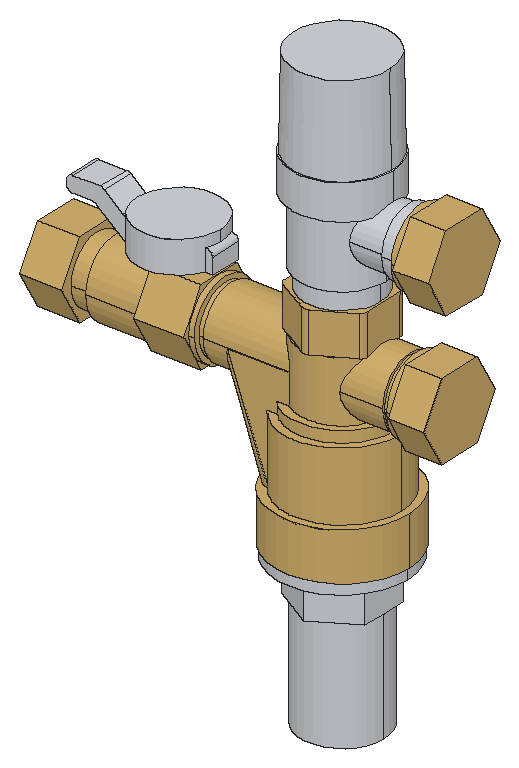
Revit family
Parameters (values of type "KHN3.214")
  URL = "http://www.autospec.co.za/browse.php?id=1644179288"
  Radius of Pipe = Diameter of Pipe / 2  # 11 mm
  Product Code = "KHN3.214"
  Pressure Rating = 400 kPa
  OmniClass Title = ""
  OmniClass Number = ""
  Modspec Classification = ""
  Specification = ""
  Location (revit room) = ""
  Model = "Pressure Control Multi Valve KHN3.214"
  Manufacturer = "Kwikot"  # constant formula
  Material = DZR Brass
  Diameter of Pipe = 22 mm
  Colour = none
  Body Finish = none
  Assembly Code = "D2090800"
Reference planes
  plane 1 "Center (Front/Back)": y = 0
  plane 2: z = 0
  plane 3 "Center (Left/Right)": x = 0
  plane 4: z = -100
  plane 5: z = 88
  plane 6: z = -65
  plane 7: x = 13
  plane 8: x = -13
  plane 9: z = -49.4
  plane 10: z = -34.4
  plane 11: z = -52.865
  plane 12: z = -12.9
  plane 13: z = -9.4
  plane 14: z = 9.6
  plane 15: z = 22.1
  plane 16: z = 28.1
  plane 17: z = 49
  plane 18: z = 60
  plane 19: x = 21.5
  plane 20: x = -34.5
  plane 21: x = 36.5
  plane 22: x = -54
  plane 23: x = 23.5
  plane 24: x = 25.5
  plane 25: x = -36.5
  plane 26: x = -38.5
  plane 27: z = 42
  plane 28: x = 38
  plane 29: x = 27
  plane 30: x = -70.5
  plane 31: x = -76.5
  plane 32: x = -89.5
  plane 33: x = -51
  plane 34: x = -26.5
Forms (mm)
  Extrusion 1, solid, detail levels fine
    sketch origin (-440, -1524, -100) x (-1, 0, 0) y (0, -1, 0)
      loop
        circle (-440, -1524) r 13
    from 0 to 35
  Extrusion 2, solid, detail levels fine
    sketch origin (-440, -1524, -65) x (-1, 0, 0) y (0, -1, 0)
      loop
        line (-453, -1531.506) -> (-440, -1539.011) -> (-427, -1531.506) -> (-427, -1516.494) -> (-440, -1508.989) -> (-453, -1516.494) -> (-453, -1531.506)
    from 0 to 12.135
  Extrusion 3, solid, detail levels fine
    sketch origin (-20.969, -1524, -52.865) x (-1, 0, 0) y (0, -1, 0)
      loop
        circle (-20.969, -1524) r 20.5
    from 0 to 3.465
  Extrusion 4, solid, material "DZR Brass" <- "Material", detail levels fine
    sketch origin (-165.612, -1524, -49.4) x (-1, 0, 0) y (0, -1, 0)
      loop
        circle (-165.612, -1524) r 21
    from 0 to 15
  Extrusion 5, solid, material "DZR Brass" <- "Material", detail levels fine
    sketch origin (0, 0, 0) x (0, 1, 0) y (0, 0, 1)
      loop
        circle (0, 0) r 11
    from 21.5 to -34.5
  Extrusion 6, solid, material "DZR Brass" <- "Material", detail levels fine
    sketch origin (-165.612, -1524, -34.4) x (-1, 0, 0) y (0, -1, 0)
      loop
        circle (-165.612, -1524) r 18.5
    from 0 to 21.5
  Extrusion 7, solid, material "DZR Brass" <- "Material", detail levels fine
    sketch origin (-60.699, -1524, -12.9) x (-1, 0, 0) y (0, -1, 0)
      loop
        circle (-60.699, -1524) r 16
    from 0 to 3.5
  Extrusion 8, solid, material "DZR Brass" <- "Material", detail levels fine
    sketch origin (-60.699, -1524, -9.4) x (-1, 0, 0) y (0, -1, 0)
      loop
        circle (-60.699, -1524) r 13.5
    from 0 to 19
  Blend 9, solid, material "DZR Brass" <- "Material", detail levels fine
    base sketch origin (-60.699, -1524, -9.4) x (-1, 0, 0) y (0, -1, 0)
      loop
        arc (-33.817, -1535) -> (-31.165, -1533.403) -> (-31.338, -1530.311) r 3
        arc (-31.338, -1530.311) -> (-29.942, -1523.999) -> (-31.332, -1517.686) r 15
        arc (-31.332, -1517.686) -> (-31.163, -1514.596) -> (-33.814, -1513) r 3
        line (-33.814, -1513) -> (-55.873, -1513) -> (-55.873, -1535) -> (-33.817, -1535)
    top sketch origin (-60.699, -1524, -9.4) x (-1, 0, 0) y (0, -1, 0)
      loop
        line (-55.873, -1535) -> (-46.266, -1535)
        arc (-46.266, -1535) -> (-44.698, -1534.558) -> (-43.592, -1533.361) r 3
        arc (-43.592, -1533.361) -> (-41.199, -1524) -> (-43.592, -1514.639) r 19.5
        arc (-43.592, -1514.639) -> (-44.698, -1513.442) -> (-46.266, -1513) r 3
        line (-46.266, -1513) -> (-55.873, -1513) -> (-55.873, -1535)
    from 9.4 to -25.5
  Extrusion 10, solid, material "DZR Brass" <- "Material", detail levels fine
    sketch origin (-60.699, -1524, 9.6) x (-1, 0, 0) y (0, -1, 0)
      loop
        line (-72.699, -1532.083) -> (-61.699, -1538.434)
        arc (-61.699, -1538.434) -> (-60.699, -1538.702) -> (-59.699, -1538.434) r 2
        line (-59.699, -1538.434) -> (-48.699, -1532.083)
        arc (-48.699, -1532.083) -> (-47.967, -1531.351) -> (-47.699, -1530.351) r 2
        line (-47.699, -1530.351) -> (-47.699, -1517.649)
        arc (-47.699, -1517.649) -> (-47.967, -1516.649) -> (-48.699, -1515.917) r 2
        line (-48.699, -1515.917) -> (-59.699, -1509.566)
        arc (-59.699, -1509.566) -> (-60.699, -1509.298) -> (-61.699, -1509.566) r 2
        line (-61.699, -1509.566) -> (-72.699, -1515.917)
        arc (-72.699, -1515.917) -> (-73.431, -1516.649) -> (-73.699, -1517.649) r 2
        line (-73.699, -1517.649) -> (-73.699, -1530.351)
        arc (-73.699, -1530.351) -> (-73.431, -1531.351) -> (-72.699, -1532.083) r 2
    from 0 to 12.5
  Extrusion 11, solid, detail levels fine
    sketch origin (-60.699, -1524, 22.1) x (-1, 0, 0) y (0, -1, 0)
      loop
        circle (-60.699, -1524) r 12.2
    from 0 to 6
  Extrusion 12, solid, detail levels fine
    sketch origin (-60.699, -1524, 28.1) x (-1, 0, 0) y (0, -1, 0)
      loop
        circle (-60.699, -1524) r 13.5
    from 0 to 20.9
  Extrusion 13, solid, detail levels fine
    sketch origin (-60.699, -1524, 49) x (-1, 0, 0) y (0, -1, 0)
      loop
        circle (-60.699, -1524) r 16
    from 0 to 11
  Blend 14, solid, detail levels fine
    base sketch origin (-60.699, -1524, 60) x (-1, 0, 0) y (0, -1, 0)
      loop
        circle (-60.699, -1524) r 15.5
    top sketch origin (-60.699, -1524, 60) x (-1, 0, 0) y (0, -1, 0)
      loop
        circle (-60.699, -1524) r 15
    from 0 to 28
  Extrusion 15, solid, material "DZR Brass" <- "Material", detail levels fine
    sketch origin (21.5, -1524, -21.263) x (0, 0, -1) y (0, -1, 0)
      loop
        circle (-21.263, -1524) r 10.5
    from 0 to -2
  Extrusion 16, solid, material "DZR Brass" <- "Material", detail levels fine
    sketch origin (-34.5, -1524, -21.263) x (0, 0, -1) y (0, -1, 0)
      loop
        circle (-21.263, -1524) r 10.5
    from 0 to 2
  Extrusion 17, solid, material "DZR Brass" <- "Material", detail levels fine
    sketch origin (21.5, -1524, -21.263) x (0, 0, -1) y (0, -1, 0)
      loop
        circle (-21.263, -1524) r 12
    from -2 to -4
  Extrusion 18, solid, material "DZR Brass" <- "Material", detail levels fine
    sketch origin (-34.5, -1524, -21.263) x (0, 0, -1) y (0, -1, 0)
      loop
        circle (-21.263, -1524) r 12
    from 2 to 4
  Extrusion 19, solid, material "DZR Brass" <- "Material", detail levels fine
    sketch origin (25.5, -1524, -21.263) x (0, 0, -1) y (0, -1, 0)
      loop
        line (-9.263, -1517.072) -> (-21.263, -1510.144) -> (-33.263, -1517.072) -> (-33.263, -1530.928) -> (-21.263, -1537.856) -> (-9.263, -1530.928) -> (-9.263, -1517.072)
    from 0 to -11
  Extrusion 20, solid, material "DZR Brass" <- "Material", detail levels fine
    sketch origin (-38.5, -1524, -21.263) x (0, 0, -1) y (0, -1, 0)
      loop
        line (-33.263, -1517.072) -> (-33.263, -1530.928) -> (-21.263, -1537.856) -> (-9.263, -1530.928) -> (-9.263, -1517.072) -> (-21.263, -1510.144) -> (-33.263, -1517.072)
    from 0 to 15.5
  Extrusion 21, solid, detail levels fine
    sketch origin (0, 0, 0) x (0, 1, 0) y (0, 0, 1)
      loop
        circle (0, 42) r 9.5
    from 0 to 20.8
  Extrusion 22, solid, detail levels fine
    sketch origin (0, 0, 0) x (0, 1, 0) y (0, 0, 1)
      loop
        circle (0, 42) r 10.45
    from 20.8 to 25
  Extrusion 23, solid, material "DZR Brass" <- "Material", detail levels fine
    sketch origin (0, 0, 0) x (0, 1, 0) y (0, 0, 1)
      loop
        circle (0, 42) r 12
    from 25 to 27
  Extrusion 24, solid, material "DZR Brass" <- "Material", detail levels fine
    sketch origin (38, -1524, 66.867) x (0, 0, 1) y (0, -1, 0)
      loop
        line (-12.867, -1517.072) -> (-24.867, -1510.144) -> (-36.867, -1517.072) -> (-36.867, -1530.928) -> (-24.867, -1537.856) -> (-12.867, -1530.928) -> (-12.867, -1517.072)
    from 0 to -11
  Extrusion 25, solid, material "DZR Brass" <- "Material", detail levels fine
    sketch origin (-54, -1524, -24.693) x (0, 0, -1) y (0, -1, 0)
      loop
        circle (-24.693, -1524) r 12
    from 0 to 16.5
  Extrusion 26, solid, material "DZR Brass" <- "Material", detail levels fine
    sketch origin (-70.5, -1524, -24.693) x (0, 0, -1) y (0, -1, 0)
      loop
        circle (-24.693, -1524) r 10.5
    from 0 to 6
  Extrusion 27, solid, material "DZR Brass" <- "Material", detail levels fine
    sketch origin (-76.5, -1524, -152.224) x (0, 0, -1) y (0, -1, 0)
      loop
        line (-164.224, -1530.928) -> (-152.224, -1537.856) -> (-140.224, -1530.928) -> (-140.224, -1517.072) -> (-152.224, -1510.144) -> (-164.224, -1517.072) -> (-164.224, -1530.928)
    from 0 to 13
  Extrusion 28, solid, material "DZR Brass", detail levels fine
    sketch origin (0, 0, 0) x (1, 0, 0) y (0, 1, 0)
      loop
        circle (-51, 0) r 8.25
    from 12 to 14.461
  Extrusion 29, solid, detail levels fine
    sketch origin (0, 0, 0) x (1, 0, 0) y (0, 1, 0)
      loop
        circle (-51, 0) r 13
    from 14.461 to 24.5
  Extrusion 30, solid, detail levels fine
    sketch origin (0, 0, 0) x (1, 0, 0) y (0, 0, 1)
      loop
        line (-38.5, 21.385) -> (-63.155, 21.385)
        arc (-63.155, 21.385) -> (-63.841, 21.506) -> (-64.443, 21.855) r 2
        line (-64.443, 21.855) -> (-70.117, 26.63)
        arc (-70.117, 26.63) -> (-70.719, 26.979) -> (-71.405, 27.1) r 2
        line (-71.405, 27.1) -> (-80.111, 27.1)
        arc (-80.111, 27.1) -> (-81.525, 26.514) -> (-82.111, 25.1) r 2
        line (-82.111, 25.1) -> (-82.111, 24.1)
        arc (-82.111, 24.1) -> (-81.525, 22.686) -> (-80.111, 22.1) r 2
        line (-80.111, 22.1) -> (-73.806, 22.1)
        arc (-73.806, 22.1) -> (-73.12, 21.979) -> (-72.518, 21.63) r 2
        line (-72.518, 21.63) -> (-64, 14.461) -> (-36.5, 14.461) -> (-36.5, 19.385)
        arc (-36.5, 19.385) -> (-37.086, 20.799) -> (-38.5, 21.385) r 2
    from -5 to 5
Cuts and joins
  joined: Extrusion 11, Extrusion 12, Extrusion 13, Blend 14, Extrusion 21, Extrusion 22
  joined: Extrusion 1, Extrusion 2, Extrusion 3
  joined: Extrusion 5, Extrusion 10, Extrusion 15, Extrusion 16, Extrusion 17, Extrusion 18, Extrusion 19, Extrusion 20, Extrusion 25, Extrusion 26, Extrusion 27
  joined: Extrusion 4, Extrusion 6, Extrusion 7, Extrusion 8, Blend 9
  joined: Extrusion 23, Extrusion 24
Lines and regions (mm)
  model lines
    curve 1: line (-26.5, 0, 0) -> (-26.5, 40, 0)
    curve 2: line (-41.5, 40, 0) -> (-11.5, 40, 0)
    curve 3: line (17.5, 0, 0) -> (36.5, 0, 0)
    curve 4: line (-70.5, 0, 0) -> (-89.5, 0, 0)
    curve 5: arc (-41.5, 40, 0) -> (-26.5, 46.771, 0) -> (-11.5, 40, 0) r 20
    curve 6: line (-26.5, 46.771, 0) -> (-26.5, 61.771, 0)
    curve 7: line (-26.5, 61.771, 0) -> (24.587, 61.771, 0)
    curve 8: line (24.587, 61.771, 0) -> (24.587, 0, 0)
    curve 9: line (-70.5, -13.856, 0) -> (-70.5, 13.856, 0)
    curve 10: line (-70.5, 13.856, 0) -> (17.5, -13.856, 0)
    curve 11: line (-70.5, -13.856, 0) -> (17.5, 13.856, 0)
    curve 12: line (17.5, 13.856, 0) -> (17.5, -13.856, 0)
Dimensions and locks
  level to plane 4 = 100 mm
  plane 6 to plane 4 = 35 mm
  plane 8 to plane 7 = 26 mm
  plane 3 "Center (Left/Right)" to plane 19 = 21.5 mm
  plane 20 to plane 19 = 56 mm
  plane 3 "Center (Left/Right)" to plane 21 = 36.5 mm
  plane 22 to plane 3 "Center (Left/Right)" = 54 mm
  plane 27 to plane 2 = 42 mm
  plane 28 to plane 3 "Center (Left/Right)" = 38 mm
  plane 28 to plane 29 = 11 mm
  plane 29 to plane 3 "Center (Left/Right)" = 27 mm
  plane 5 to level = 88 mm
  plane 3 "Center (Left/Right)" to plane 33 = 51 mm
  equal spacing: Blend 9 sketch curve, plane 1 "Center (Front/Back)", Blend 9 sketch curve
  "Radius of Pipe": plane 1 "Center (Front/Back)" to Blend 9 sketch curve
  plane 20 to Blend 9 sketch curve = 3.743 mm
  plane 20 to Blend 9 sketch curve = 15 mm
  radius of Extrusion 1 sketch curve = 13 mm
  "Radius of Pipe": radius of Extrusion 5 sketch curve
  radius of Extrusion 21 sketch curve = 9.5 mm
  radius of Extrusion 23 sketch curve = 12 mm
  radius of Extrusion 22 sketch curve = 10.45 mm
  radius of Extrusion 28 sketch curve = 8.25 mm
  radius of Blend 9 sketch curve = 15 mm
  radius of Blend 9 sketch curve = 3 mm  (x4)
  radius of Blend 9 sketch curve = 19.5 mm
  aligned and locked: level to plane 2
  aligned and locked: plane 6 to Extrusion 1
  aligned and locked: Extrusion 1 to plane 4
  aligned and locked: plane 11 to Extrusion 2
  aligned and locked: Extrusion 2 to plane 6
  aligned and locked: plane 9 to Extrusion 3
  aligned and locked: Extrusion 3 to Extrusion 2
  aligned and locked: plane 10 to Extrusion 4
  aligned and locked: Extrusion 4 to plane 9
  aligned and locked: plane 12 to Extrusion 6
  aligned and locked: Extrusion 6 to plane 10
  aligned and locked: plane 13 to Extrusion 7
  aligned and locked: Extrusion 7 to plane 12
  aligned and locked: plane 14 to Extrusion 8
  aligned and locked: Extrusion 8 to Extrusion 7
  aligned and locked: plane 15 to Extrusion 10
  aligned and locked: Extrusion 10 to Extrusion 8
  aligned and locked: plane 16 to Extrusion 11
  aligned and locked: Extrusion 11 to plane 15
  aligned and locked: plane 17 to Extrusion 12
  aligned and locked: Extrusion 12 to plane 16
  aligned and locked: plane 18 to Extrusion 13
  aligned and locked: Extrusion 13 to plane 17
  aligned and locked: plane 5 to Blend 14
  aligned and locked: Blend 14 to plane 18
  aligned and locked: plane 20 to Extrusion 5
  aligned and locked: Extrusion 5 to plane 19
  aligned: Extrusion 16 sketch curve to Extrusion 15
  aligned and locked: Extrusion 16 sketch curve to Extrusion 15
  aligned and locked: Extrusion 17 to Extrusion 15
  aligned: Extrusion 18 sketch curve to Extrusion 17
  aligned and locked: Extrusion 18 sketch curve to Extrusion 17
  aligned and locked: Extrusion 15 to plane 23
  aligned and locked: plane 23 to Extrusion 17
  aligned and locked: Extrusion 17 to plane 24
  aligned and locked: plane 25 to Extrusion 16
  aligned and locked: Extrusion 18 to Extrusion 16
  aligned and locked: plane 26 to Extrusion 18
  aligned and locked: Extrusion 19 to Extrusion 17
  aligned and locked: Extrusion 19 to plane 21
  aligned and locked: plane 22 to Extrusion 20
  aligned and locked: Extrusion 20 to Extrusion 18
  aligned and locked: plane 1 "Center (Front/Back)" to Extrusion 21 sketch curve
  aligned and locked: plane 27 to Extrusion 21 sketch curve
  aligned and locked: plane 27 to Extrusion 22 sketch curve
  aligned and locked: plane 1 "Center (Front/Back)" to Extrusion 22 sketch curve
  aligned and locked: plane 27 to Extrusion 23 sketch curve
  aligned and locked: plane 1 "Center (Front/Back)" to Extrusion 23 sketch curve
  aligned and locked: plane 29 to Extrusion 23
  aligned and locked: plane 28 to Extrusion 24
  aligned and locked: Extrusion 24 to plane 29
  aligned and locked: Extrusion 25 sketch curve to cut or joined group 1 (Extrusion 5, Extrusion 10, Extrusion 15, Extrusion 16, Extrusion 17, Extrusion 18, Extrusion 19, Extrusion 20, Extrusion 25, Extrusion 26, Extrusion 27)  (x2)
  aligned and locked: plane 30 to Extrusion 25
  aligned and locked: Extrusion 25 to plane 22
  aligned and locked: Extrusion 26 sketch curve to cut or joined group 1  (x2)
  aligned and locked: Extrusion 27 to plane 31
  aligned and locked: plane 32 to Extrusion 27
  aligned and locked: Extrusion 26 to plane 30
  aligned and locked: plane 31 to Extrusion 26
  aligned and locked: Extrusion 25 to Extrusion 26
  aligned and locked: Extrusion 25 to cut or joined group 1
  aligned and locked: plane 33 to Extrusion 28 sketch curve
  aligned and locked: plane 1 "Center (Front/Back)" to Extrusion 28 sketch curve
  aligned and locked: Extrusion 28 to cut or joined group 1
  aligned and locked: plane 33 to Extrusion 29 sketch curve
  aligned and locked: plane 1 "Center (Front/Back)" to Extrusion 29 sketch curve
  aligned and locked: Extrusion 29 to Extrusion 28
  aligned and locked: Extrusion 30 sketch curve to Extrusion 29
  aligned and locked: Blend 9 sketch curve to var sketch  (x2)
  aligned and locked: var sketch to Blend 9 sketch curve
Automatic sketch dimensions
  plane 1 "Center (Front/Back)" to Extrusion 1 sketch curve = 0 mm
  Extrusion 1 sketch curve to plane 3 "Center (Left/Right)" = 0 mm
  Extrusion 2 sketch curve to plane 7 = 0 mm
  Extrusion 2 sketch curve to plane 3 "Center (Left/Right)" = 0 mm  (x2)
  Extrusion 2 sketch curve to plane 8 = 0 mm
  Extrusion 2 sketch curve to plane 1 "Center (Front/Back)" = 15.011 mm
  Extrusion 2 sketch curve to plane 1 "Center (Front/Back)" = 7.506 mm  (x2)
  plane 1 "Center (Front/Back)" to Extrusion 2 sketch curve = 7.506 mm  (x2)
  Extrusion 2 sketch curve to Extrusion 2 sketch curve = 7.506 mm
  plane 1 "Center (Front/Back)" to Extrusion 3 sketch curve = 0 mm
  Extrusion 3 sketch curve to plane 3 "Center (Left/Right)" = 0 mm
  plane 1 "Center (Front/Back)" to Extrusion 4 sketch curve = 0 mm
  Extrusion 4 sketch curve to plane 3 "Center (Left/Right)" = 0 mm
  Extrusion 5 sketch curve to level = 0 mm
  Extrusion 5 sketch curve to plane 1 "Center (Front/Back)" = 0 mm
  plane 1 "Center (Front/Back)" to Extrusion 6 sketch curve = 0 mm
  Extrusion 6 sketch curve to plane 3 "Center (Left/Right)" = 0 mm
  plane 1 "Center (Front/Back)" to Extrusion 7 sketch curve = 0 mm
  Extrusion 7 sketch curve to plane 3 "Center (Left/Right)" = 0 mm
  plane 1 "Center (Front/Back)" to Extrusion 8 sketch curve = 0 mm
  Extrusion 8 sketch curve to plane 3 "Center (Left/Right)" = 0 mm
  Extrusion 10 sketch curve to plane 7 = 0 mm
  Extrusion 10 sketch curve to plane 3 "Center (Left/Right)" = 0 mm  (x2)
  Extrusion 10 sketch curve to plane 8 = 0 mm
  plane 7 to Extrusion 10 sketch curve = 1 mm  (x2)
  Extrusion 10 sketch curve to Extrusion 10 sketch curve = 2 mm  (x2)
  plane 3 "Center (Left/Right)" to Extrusion 10 sketch curve = 1 mm  (x2)
  Extrusion 10 sketch curve to plane 3 "Center (Left/Right)" = 1 mm  (x2)
  Extrusion 10 sketch curve to plane 8 = 2 mm  (x2)
  Extrusion 10 sketch curve to plane 8 = 1 mm  (x2)
  Extrusion 10 sketch curve to plane 1 "Center (Front/Back)" = 14.434 mm
  Extrusion 10 sketch curve to Extrusion 10 sketch curve = 1.732 mm  (x2)
  Extrusion 10 sketch curve to plane 1 "Center (Front/Back)" = 8.083 mm  (x2)
  plane 1 "Center (Front/Back)" to Extrusion 10 sketch curve = 6.351 mm  (x2)
  Extrusion 10 sketch curve to Extrusion 10 sketch curve = 6.351 mm
  plane 1 "Center (Front/Back)" to Extrusion 11 sketch curve = 0 mm
  Extrusion 11 sketch curve to plane 3 "Center (Left/Right)" = 0 mm
  plane 1 "Center (Front/Back)" to Extrusion 12 sketch curve = 0 mm
  Extrusion 12 sketch curve to plane 3 "Center (Left/Right)" = 0 mm
  plane 1 "Center (Front/Back)" to Extrusion 13 sketch curve = 0 mm
  Extrusion 13 sketch curve to plane 3 "Center (Left/Right)" = 0 mm
  plane 1 "Center (Front/Back)" to Blend 14 sketch curve = 0 mm  (x2)
  Blend 14 sketch curve to plane 3 "Center (Left/Right)" = 0 mm  (x2)
  Extrusion 15 sketch curve to level = 0 mm
  Extrusion 15 sketch curve to plane 1 "Center (Front/Back)" = 0 mm
  Extrusion 17 sketch curve to level = 0 mm
  Extrusion 17 sketch curve to plane 1 "Center (Front/Back)" = 0 mm
  Extrusion 19 sketch curve to level = 0 mm  (x2)
  plane 14 to Extrusion 19 sketch curve = 2.4 mm
  plane 12 to Extrusion 19 sketch curve = 0.9 mm
  Extrusion 19 sketch curve to plane 1 "Center (Front/Back)" = 13.856 mm
  Extrusion 19 sketch curve to plane 1 "Center (Front/Back)" = 6.928 mm  (x2)
  plane 1 "Center (Front/Back)" to Extrusion 19 sketch curve = 6.928 mm  (x2)
  plane 1 "Center (Front/Back)" to Extrusion 19 sketch curve = 13.856 mm
  Extrusion 20 sketch curve to level = 0 mm  (x2)
  plane 14 to Extrusion 20 sketch curve = 2.4 mm
  plane 12 to Extrusion 20 sketch curve = 0.9 mm
  Extrusion 20 sketch curve to plane 1 "Center (Front/Back)" = 13.856 mm
  Extrusion 20 sketch curve to plane 1 "Center (Front/Back)" = 6.928 mm  (x2)
  plane 1 "Center (Front/Back)" to Extrusion 20 sketch curve = 6.928 mm  (x2)
  Extrusion 20 sketch curve to Extrusion 20 sketch curve = 6.928 mm
  Extrusion 30 sketch curve to plane 15 = 0 mm
  plane 26 to Extrusion 30 sketch curve = 0 mm
  plane 25 to Extrusion 30 sketch curve = 0 mm
  Extrusion 30 sketch curve to plane 15 = 0.715 mm
  Extrusion 30 sketch curve to plane 30 = 7.345 mm
  Extrusion 30 sketch curve to plane 30 = 6.5 mm
  Extrusion 30 sketch curve to plane 15 = 0.245 mm
  Extrusion 30 sketch curve to Extrusion 30 sketch curve = 1.288 mm  (x2)
  Extrusion 30 sketch curve to plane 30 = 0.383 mm
  plane 30 to Extrusion 30 sketch curve = 0.905 mm
  Extrusion 30 sketch curve to plane 15 = 0.47 mm
  plane 30 to Extrusion 30 sketch curve = 2.018 mm
  plane 31 to Extrusion 30 sketch curve = 3.611 mm  (x2)
  Extrusion 30 sketch curve to plane 16 = 1 mm
  Extrusion 30 sketch curve to Extrusion 30 sketch curve = 2 mm  (x2)
  Blend 9 sketch curve to plane 3 "Center (Left/Right)" = 4.825 mm
  plane 34 to Blend 9 sketch curve = 0.381 mm
  plane 34 to Blend 9 sketch curve = 0.385 mm
  plane 1 "Center (Front/Back)" to Blend 9 sketch curve = 0.007 mm
  plane 1 "Center (Front/Back)" to Blend 9 sketch curve = 0 mm
  Blend 9 sketch curve to Blend 9 sketch curve = 0 mm  (x2)
  curve 4 to plane 1 "Center (Front/Back)" = 0 mm
  curve 4 to plane 32 = 0 mm
  curve 4 to plane 30 = 0 mm
  curve 5 to plane 34 = 0 mm
  plane 1 "Center (Front/Back)" to curve 1 = 0 mm
  curve 1 to plane 34 = 0 mm
  curve 6 to plane 34 = 0 mm
  plane 1 "Center (Front/Back)" to curve 3 = 0 mm
  curve 3 to plane 21 = 0 mm
  plane 26 to curve 5 = 3 mm
  plane 19 to curve 11 = 4 mm
  curve 8 to plane 29 = 2.413 mm
  curve 12 to curve 3 = 13.856 mm
  curve 9 to curve 4 = 13.856 mm
  curve 10 to plane 1 "Center (Front/Back)" = 13.856 mm
  curve 5 to plane 1 "Center (Front/Back)" = 26.771 mm
  curve 5 to curve 2 = 13.229 mm
  curve 6 to curve 7 = 15 mm
  radius of Extrusion 3 sketch curve = 20.5 mm
  radius of Extrusion 4 sketch curve = 21 mm
  radius of Extrusion 6 sketch curve = 18.5 mm
  radius of Extrusion 7 sketch curve = 16 mm
  radius of Extrusion 8 sketch curve = 13.5 mm
  radius of Extrusion 11 sketch curve = 12.2 mm
  radius of Extrusion 12 sketch curve = 13.5 mm
  radius of Extrusion 13 sketch curve = 16 mm
  radius of Blend 14 sketch curve = 15.5 mm
  radius of Blend 14 sketch curve = 15 mm
  radius of Extrusion 15 sketch curve = 10.5 mm
  radius of Extrusion 17 sketch curve = 12 mm
  radius of Extrusion 29 sketch curve = 13 mm
Connectors
  piping at (36.5, 0, 0), driven by "Radius of Pipe", driven by "Pressure Rating"
    settings: on Extrusion 19, index 2, connector radius 11 mm, flow factor 0, pipe flow 0.0 L/s, pressure drop 400 kPa, fitting loss kfactor 0, connector angle 0.00°, fixture units 0, flow configuration 0, flow direction 2, fitting loss method 0, system type 29, connector reference index 3, connector utility 0, adjustable connector yes, is connector primary no, fitting loss table "", connector description "Pipe Connector"
  piping at (-89.5, 0, 0), driven by "Radius of Pipe"
    settings: on cut or joined group 1, index 3, connector radius 11 mm, flow factor 0, pipe flow 0.0 L/s, pressure drop 0 kPa, fitting loss kfactor 0, connector angle 0.00°, fixture units 0, flow configuration 0, flow direction 1, fitting loss method 0, system type 29, connector reference index 2, connector utility 0, adjustable connector yes, is connector primary yes, fitting loss table "", connector description "Pipe Connector"
  piping at (38, 0, 42), driven by "Radius of Pipe"
    settings: on cut or joined group of Extrusion 23, Extrusion 24, index 4, connector radius 11 mm, flow factor 0, pipe flow 0.0 L/s, pressure drop 0 kPa, fitting loss kfactor 0, connector angle 0.00°, fixture units 0, flow configuration 0, flow direction 2, fitting loss method 0, system type 29, connector reference index -1, connector utility 0, adjustable connector yes, is connector primary no, fitting loss table "", connector description "Pipe Connector"
